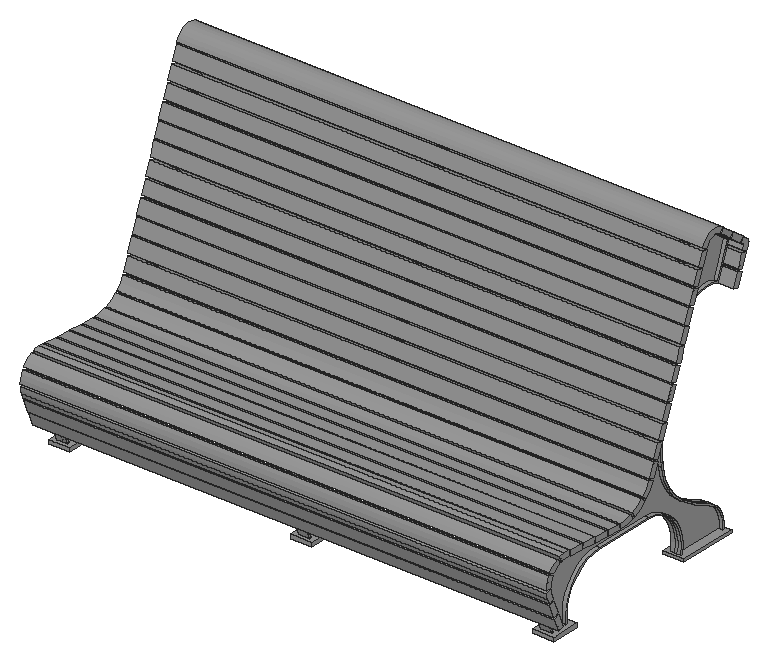
Revit family "Скамейка стальная «Сафари» Арт 12196", category Антураж, Revit 2018
Family settings
  На основе рабочей плоскости = Нет
  Всегда вертикально = Да
  При загрузке вырезать с полостями = Нет
  Источник визуального образа = Геометрия семейства
  Общий = Нет
  Точка расчета площади = Нет
Parameters (values of type "Скамейка стальная «Сафари». Версия с 3-мя опорами")
  Ширина = 1200 mm  # constant formula
  Цвет опоры = Сталь
  Цвет лавки = Дерево
  Описание = if([3 опоры], "Скамейка стальная «Сафари». Версия с 3-мя опорами", "Скамейка стальная «Сафари». Версия с 5-ю опорами")  # "Скамейка стальная «Сафари». Версия с 3-мя опорами"
  Материал изделия = "Сталь, дерево"  # constant formula
  Изображение типоразмера = Скамейка стальная «Сафари» Арт 12196 3 опоры.jpeg
  Изготовитель = "ООО «Хоббика"  # constant formula
  Длина = 2500 mm  # constant formula
  Группа модели = "Скамейки"  # constant formula
  Высота = 1400 mm  # constant formula
  Артикул товара = "Арт. 12196"  # constant formula
  URL = "https://hobbyka.ru/product/skameyka_safari_/"
  5 опор = no
  3 опоры = not([5 опор])  # yes
Types (3, lengths in mm): name | Описание | Изображение типоразмера | 5 опор | 3 опоры
  (no name) | "Скамейка стальная «Сафари». Версия с 3-мя опорами" | Скамейка стальная «Сафари» Арт 12196 3 опоры.jpeg | no | yes
  Скамейка стальная «Сафари». Версия с 3-мя опорами | "Скамейка стальная «Сафари». Версия с 3-мя опорами" | Скамейка стальная «Сафари» Арт 12196 3 опоры.jpeg | no | yes
  Скамейка стальная «Сафари». Версия с 5-ю опорами | "Скамейка стальная «Сафари». Версия с 5-ю опорами" | Скамейка стальная «Сафари» Арт 12196 5 опор.jpg | yes | no
Reference planes
  plane 1 "По центру (Вперед/Назад)": y = 0
  plane 2: z = 0
  plane 3 "По центру (Влево/Вправо)": x = 0
  plane 4: x = 2500
  plane 5: y = 1200
  plane 6: x = 1250
  plane 7: x = 100
  plane 8: x = 2400
  plane 9: x = 675
  plane 10: x = 1825
  plane 11: z = 1400
Forms (mm)
  Extrusion 1, solid, material "Дерево" <- "Цвет лавки"
    sketch origin (0, 0, 0) x (0, 1, 0) y (0, 0, 1)
      loop
        line (1181.327, 1238.063) -> (1173.535, 1217.765) -> (1196.875, 1208.806) -> (1204.042, 1227.478)
        arc (1204.042, 1227.478) -> (1205.477, 1241.843) -> (1200, 1255.2) r 29.837
        line (1200, 1255.2) -> (1180.958, 1270.077) -> (1165.567, 1250.377) -> (1181.327, 1238.063)
      loop
        line (1169.951, 1208.43) -> (1146.658, 1147.747) -> (1169.997, 1138.788) -> (1193.291, 1199.47) -> (1169.951, 1208.43)
      loop
        line (1143.205, 1137.925) -> (1119.255, 1077.247) -> (1142.806, 1067.952) -> (1166.184, 1128.855) -> (1143.205, 1137.925)
      loop
        line (1047.365, 1342.726) -> (1098.586, 1302.708) -> (1113.977, 1322.408) -> (1062.756, 1362.426) -> (1047.365, 1342.726)
      loop
        line (1157.686, 1256.533) -> (1173.078, 1276.233) -> (1121.857, 1316.251) -> (1106.466, 1296.551) -> (1157.686, 1256.533)
      loop
        line (1039.425, 1348.806) -> (1054.882, 1368.59)
        arc (1054.882, 1368.59) -> (986.724, 1378.021) -> (936.944, 1330.519) r 79.139
        line (936.944, 1330.519) -> (960.349, 1321.734)
        arc (960.349, 1321.734) -> (993.499, 1353.929) -> (1039.425, 1348.806) r 54.139
      loop
        line (956.835, 1312.372) -> (933.43, 1321.157) -> (910.587, 1260.303) -> (933.992, 1251.518) -> (956.835, 1312.372)
      loop
        line (930.478, 1242.155) -> (907.073, 1250.941) -> (884.23, 1190.087) -> (907.636, 1181.301) -> (930.478, 1242.155)
      loop
        line (904.121, 1171.939) -> (880.716, 1180.725) -> (857.874, 1119.871) -> (881.279, 1111.085) -> (904.121, 1171.939)
      loop
        line (877.765, 1101.723) -> (854.359, 1110.509) -> (831.517, 1049.654) -> (854.922, 1040.869) -> (877.765, 1101.723)
      loop
        line (851.408, 1031.507) -> (828.003, 1040.292) -> (805.16, 979.438) -> (828.566, 970.653) -> (851.408, 1031.507)
      loop
        line (825.051, 961.29) -> (801.646, 970.076) -> (778.803, 909.222) -> (802.209, 900.436) -> (825.051, 961.29)
      loop
        line (798.695, 891.074) -> (775.289, 899.86) -> (752.447, 839.006) -> (775.852, 830.22) -> (798.695, 891.074)
      loop
        line (772.338, 820.858) -> (748.932, 829.643) -> (726.09, 768.789) -> (749.495, 760.004) -> (772.338, 820.858)
      loop
        line (745.981, 750.642) -> (722.576, 759.427) -> (699.733, 698.573) -> (723.139, 689.788) -> (745.981, 750.642)
      loop
        line (719.624, 680.425) -> (696.219, 689.211) -> (673.376, 628.357) -> (696.782, 619.571) -> (719.624, 680.425)
      loop
        line (693.268, 610.209) -> (669.862, 618.995) -> (647.02, 558.141) -> (670.425, 549.355) -> (693.268, 610.209)
      loop
        line (666.911, 539.993) -> (643.505, 548.778) -> (620.663, 487.924) -> (644.068, 479.139) -> (666.911, 539.993)
      loop
        line (640.177, 469.918) -> (616.692, 478.734)
        arc (616.692, 478.734) -> (600.695, 451.456) -> (580.381, 427.22) r 189.347
        line (580.381, 427.22) -> (599.672, 411.185)
        arc (599.672, 411.185) -> (622.386, 438.854) -> (640.177, 469.918) r 214.347
      loop
        line (591.56, 403.266) -> (573.144, 420.298)
        arc (573.144, 420.298) -> (548.029, 401.083) -> (520.067, 386.315) r 189.347
        line (520.067, 386.315) -> (531.872, 364.181)
        arc (531.872, 364.181) -> (563.354, 381.223) -> (591.56, 403.266) r 214.347
      loop
        line (521.37, 359.912) -> (510.751, 382.639)
        arc (510.751, 382.639) -> (480.239, 374.333) -> (448.77, 371.22) r 189.347
        line (448.77, 371.22) -> (451.341, 346.267)
        arc (451.341, 346.267) -> (486.927, 350.155) -> (521.37, 359.912) r 214.347
      loop
        line (440.005, 346.281) -> (438.761, 371.238) -> (376.893, 375.564) -> (375.15, 350.625) -> (430.98, 346.721)
        arc (430.98, 346.721) -> (435.49, 346.453) -> (440.005, 346.281) r 214.347
      loop
        line (365.174, 351.322) -> (366.918, 376.261) -> (302.076, 380.796) -> (300.332, 355.857) -> (365.174, 351.322)
      loop
        line (290.357, 356.554) -> (292.101, 381.493) -> (227.259, 386.027) -> (225.515, 361.088) -> (290.357, 356.554)
      loop
        line (215.539, 361.786) -> (217.283, 386.725) -> (152.442, 391.259) -> (150.698, 366.32) -> (215.539, 361.786)
      loop
        line (140.722, 367.018) -> (142.466, 391.957) -> (117.265, 393.719)
        arc (117.265, 393.719) -> (100.46, 392.082) -> (84.083, 387.97) r 113.506
        line (84.083, 387.97) -> (95.101, 365.221)
        arc (95.101, 365.221) -> (105.816, 367.631) -> (116.747, 368.694) r 88.506
        line (116.747, 368.694) -> (140.722, 367.018)
      loop
        line (86.081, 362.058) -> (72.673, 383.486)
        arc (72.673, 383.486) -> (47.741, 367.911) -> (27.644, 346.456) r 113.506
        line (27.644, 346.456) -> (49.92, 334.51)
        arc (49.92, 334.51) -> (66.201, 350.645) -> (86.081, 362.058) r 88.506
      loop
        line (44.475, 326.654) -> (21.041, 336.128)
        arc (21.041, 336.128) -> (10.069, 309.137) -> (6.33, 280.242) r 113.506
        line (6.33, 280.242) -> (31.33, 280.242)
        arc (31.33, 280.242) -> (34.679, 304.361) -> (44.475, 326.654) r 88.506
      loop
        line (31.846, 270.697) -> (6.992, 268.001)
        arc (6.992, 268.001) -> (9.747, 252.598) -> (14.595, 237.722) r 113.506
        line (14.595, 237.722) -> (23.988, 214.472) -> (47.168, 223.837) -> (37.774, 247.087)
        arc (37.774, 247.087) -> (33.995, 258.687) -> (31.846, 270.697) r 88.506
      loop
        line (50.914, 214.565) -> (27.734, 205.2) -> (52.084, 144.933) -> (75.263, 154.298) -> (50.914, 214.565)
      loop
        line (79.009, 145.027) -> (55.83, 135.661) -> (80.179, 75.394) -> (103.359, 84.76) -> (79.009, 145.027)
    from 0 to 2500
  Extrusion 2, solid, material "Сталь" <- "Цвет опоры"
    sketch origin (0, 0, 0) x (0, 1, 0) y (0, 0, 1)
      loop
        circle (1023.394, 88.289) r 15
    from 100 to 2400
Dimensions and locks
  "Длина": plane 3 "По центру (Влево/Вправо)" to plane 4
  "Ширина": plane 5 to plane 1 "По центру (Вперед/Назад)"
  locked: plane 3 "По центру (Влево/Вправо)" to plane 7 at 100
  locked: plane 8 to plane 4 at 100
  equal spacing: plane 3 "По центру (Влево/Вправо)", plane 6, plane 4
  equal spacing: plane 7, plane 9, plane 6
  equal spacing: plane 6, plane 10, plane 8
  "Высота": plane 11 to plane 2
  aligned and locked: level to plane 2
Automatic sketch dimensions
  Extrusion 1 sketch curve to Extrusion 1 sketch curve = 0 mm  (x27)
  Extrusion 1 sketch curve to plane 5 = 0 mm
  Extrusion 1 sketch curve to plane 5 = 3.125 mm
  Extrusion 1 sketch curve to plane 5 = 6.709 mm
  Extrusion 1 sketch curve to plane 5 = 18.673 mm
  Extrusion 1 sketch curve to plane 5 = 19.042 mm
  Extrusion 1 sketch curve to Extrusion 1 sketch curve = 5.374 mm
  Extrusion 1 sketch curve to Extrusion 1 sketch curve = 2.417 mm
  Extrusion 1 sketch curve to Extrusion 1 sketch curve = 7.88 mm  (x4)
  Extrusion 1 sketch curve to plane 5 = 30.003 mm
  Extrusion 1 sketch curve to Extrusion 1 sketch curve = 3.584 mm
  Extrusion 1 sketch curve to Extrusion 1 sketch curve = 3.813 mm
  Extrusion 1 sketch curve to Extrusion 1 sketch curve = 10.386 mm
  Extrusion 1 sketch curve to Extrusion 1 sketch curve = 3.452 mm
  Extrusion 1 sketch curve to plane 5 = 57.194 mm
  Extrusion 1 sketch curve to Extrusion 1 sketch curve = 51.221 mm  (x2)
  Extrusion 1 sketch curve to Extrusion 1 sketch curve = 23.55 mm
  Extrusion 1 sketch curve to plane 11 = 37.574 mm
  Extrusion 1 sketch curve to plane 11 = 31.41 mm
  Extrusion 1 sketch curve to Extrusion 1 sketch curve = 7.874 mm
  Extrusion 1 sketch curve to plane 11 = 51.194 mm
  Extrusion 1 sketch curve to Extrusion 1 sketch curve = 7.939 mm
  Extrusion 1 sketch curve to Extrusion 1 sketch curve = 36.33 mm
  Extrusion 1 sketch curve to plane 11 = 78.266 mm
  Extrusion 1 sketch curve to Extrusion 1 sketch curve = 50.686 mm
  Extrusion 1 sketch curve to Extrusion 1 sketch curve = 3.514 mm  (x24)
  Extrusion 1 sketch curve to plane 11 = 69.481 mm
  Extrusion 1 sketch curve to Extrusion 1 sketch curve = 22.843 mm  (x12)
  Extrusion 1 sketch curve to plane 11 = 78.843 mm
  Extrusion 1 sketch curve to plane 11 = 149.059 mm
  Extrusion 1 sketch curve to Extrusion 1 sketch curve = 3.891 mm
  Extrusion 1 sketch curve to Extrusion 1 sketch curve = 3.971 mm
  level to Extrusion 1 sketch curve = 411.185 mm
  Extrusion 1 sketch curve to Extrusion 1 sketch curve = 17.02 mm
  Extrusion 1 sketch curve to Extrusion 1 sketch curve = 8.112 mm
  Extrusion 1 sketch curve to Extrusion 1 sketch curve = 19.291 mm
  Extrusion 1 sketch curve to Extrusion 1 sketch curve = 7.237 mm
  Extrusion 1 sketch curve to Extrusion 1 sketch curve = 41.272 mm
  Extrusion 1 sketch curve to Extrusion 1 sketch curve = 10.502 mm
  Extrusion 1 sketch curve to Extrusion 1 sketch curve = 11.806 mm
  Extrusion 1 sketch curve to Extrusion 1 sketch curve = 9.315 mm
  Extrusion 1 sketch curve to Extrusion 1 sketch curve = 59.41 mm
  Extrusion 1 sketch curve to Extrusion 1 sketch curve = 2.571 mm
  Extrusion 1 sketch curve to Extrusion 1 sketch curve = 174.731 mm
  Extrusion 1 sketch curve to Extrusion 1 sketch curve = 11.337 mm
  Extrusion 1 sketch curve to Extrusion 1 sketch curve = 10.009 mm
  Extrusion 1 sketch curve to Extrusion 1 sketch curve = 9.025 mm
  Extrusion 1 sketch curve to Extrusion 1 sketch curve = 54.086 mm
  level to Extrusion 1 sketch curve = 350.625 mm
  Extrusion 1 sketch curve to Extrusion 1 sketch curve = 1.744 mm
  Extrusion 1 sketch curve to Extrusion 1 sketch curve = 9.976 mm  (x8)
  Extrusion 1 sketch curve to Extrusion 1 sketch curve = 64.842 mm  (x3)
  Extrusion 1 sketch curve to Extrusion 1 sketch curve = 20.886 mm
  Extrusion 1 sketch curve to Extrusion 1 sketch curve = 25.201 mm
  Extrusion 1 sketch curve to Extrusion 1 sketch curve = 23.975 mm
  Extrusion 1 sketch curve to Extrusion 1 sketch curve = 21.646 mm
  Extrusion 1 sketch curve to Extrusion 1 sketch curve = 9.021 mm
  Extrusion 1 sketch curve to Extrusion 1 sketch curve = 11.018 mm
  Extrusion 1 sketch curve to Extrusion 1 sketch curve = 11.41 mm
  Extrusion 1 sketch curve to Extrusion 1 sketch curve = 36.161 mm
  Extrusion 1 sketch curve to Extrusion 1 sketch curve = 5.445 mm
  Extrusion 1 sketch curve to Extrusion 1 sketch curve = 9.393 mm
  Extrusion 1 sketch curve to Extrusion 1 sketch curve = 5.928 mm
  Extrusion 1 sketch curve to Extrusion 1 sketch curve = 0.516 mm
  Extrusion 1 sketch curve to Extrusion 1 sketch curve = 22.275 mm
  Extrusion 1 sketch curve to plane 1 "По центру (Вперед/Назад)" = 23.988 mm
  Extrusion 1 sketch curve to Extrusion 1 sketch curve = 6.603 mm
  Extrusion 1 sketch curve to plane 1 "По центру (Вперед/Назад)" = 6.992 mm
  Extrusion 1 sketch curve to plane 1 "По центру (Вперед/Назад)" = 6.33 mm
  plane 5 to Extrusion 1 sketch curve = 4.042 mm
  Extrusion 1 sketch curve to Extrusion 1 sketch curve = 3.904 mm
  Extrusion 1 sketch curve to Extrusion 1 sketch curve = 4.866 mm
  Extrusion 1 sketch curve to Extrusion 1 sketch curve = 0.44 mm
  Extrusion 1 sketch curve to Extrusion 1 sketch curve = 0.014 mm
  Extrusion 1 sketch curve to Extrusion 1 sketch curve = 10.329 mm
  Extrusion 1 sketch curve to Extrusion 1 sketch curve = 7.857 mm
  Extrusion 1 sketch curve to Extrusion 1 sketch curve = 9.545 mm
  Extrusion 1 sketch curve to Extrusion 1 sketch curve = 12.241 mm
  Extrusion 1 sketch curve to Extrusion 1 sketch curve = 4.534 mm  (x2)
  Extrusion 1 sketch curve to Extrusion 1 sketch curve = 0.698 mm  (x3)
  Extrusion 1 sketch curve to Extrusion 1 sketch curve = 4.269 mm
  Extrusion 1 sketch curve to Extrusion 1 sketch curve = 3.163 mm
  Extrusion 1 sketch curve to Extrusion 1 sketch curve = 2.374 mm
  Extrusion 1 sketch curve to Extrusion 1 sketch curve = 0.018 mm
  Extrusion 1 sketch curve to Extrusion 1 sketch curve = 3.676 mm
  Extrusion 1 sketch curve to Extrusion 1 sketch curve = 6.922 mm
  Extrusion 1 sketch curve to Extrusion 1 sketch curve = 9.221 mm
  Extrusion 1 sketch curve to Extrusion 1 sketch curve = 9.191 mm
  Extrusion 1 sketch curve to Extrusion 1 sketch curve = 9.362 mm  (x20)
  Extrusion 1 sketch curve to Extrusion 1 sketch curve = 33.771 mm
  Extrusion 1 sketch curve to Extrusion 1 sketch curve = 9.296 mm
  Extrusion 1 sketch curve to Extrusion 1 sketch curve = 9.933 mm
  Extrusion 1 sketch curve to Extrusion 1 sketch curve = 9.822 mm
  Extrusion 1 sketch curve to Extrusion 1 sketch curve = 9.336 mm  (x2)
  Extrusion 1 sketch curve to Extrusion 1 sketch curve = 0.526 mm
  Extrusion 1 sketch curve to Extrusion 1 sketch curve = 6.157 mm  (x3)
  Extrusion 1 sketch curve to Extrusion 1 sketch curve = 24.349 mm
  Extrusion 1 sketch curve to Extrusion 1 sketch curve = 3.746 mm  (x4)
  Extrusion 1 sketch curve to plane 1 "По центру (Вперед/Назад)" = 55.83 mm
  Extrusion 1 sketch curve to Extrusion 1 sketch curve = 9.365 mm  (x2)
  Extrusion 1 sketch curve to plane 1 "По центру (Вперед/Назад)" = 14.595 mm
  Extrusion 1 sketch curve to Extrusion 1 sketch curve = 9.272 mm  (x2)
  Extrusion 1 sketch curve to Extrusion 1 sketch curve = 23.18 mm
  level to Extrusion 1 sketch curve = 75.394 mm
  level to Extrusion 2 sketch curve = 88.289 mm
  Extrusion 2 sketch curve to plane 5 = 176.606 mm
  radius of Extrusion 2 sketch curve = 15 mm
Nested families
  nested 1: "Скамейка стальная «Сафари» опора" at (100, 0, 0), type "Скамейка стальная «Сафари» опора"
  nested 2: "Скамейка стальная «Сафари» опора" at (675, 0, 0), visible <- "5 опор", type "Скамейка стальная «Сафари» опора"
  nested 3: "Скамейка стальная «Сафари» опора" at (1250, 0, 0), type "Скамейка стальная «Сафари» опора"
  nested 4: "Скамейка стальная «Сафари» опора" at (1825, 0, 0), visible <- "5 опор", type "Скамейка стальная «Сафари» опора"
  nested 5: "Скамейка стальная «Сафари» опора" at (2400, 0, 0), type "Скамейка стальная «Сафари» опора"
Definition of nested family "Скамейка стальная «Сафари» опора"
  Parameters (values of type "Скамейка стальная «Сафари» опора")
    Цвет опоры = none
    Height = 0 mm
  Reference planes
    plane 1 "По центру (Вперед/Назад)": y = 0
    plane 2: z = 0
    plane 3 "По центру (Влево/Вправо)": x = 0
    plane 4: z = 1400
  Forms (mm)
    Extrusion 1, solid, material <- "Цвет опоры"
      sketch origin (0, 0, 0) x (0, 1, 0) y (0, 0, 1)
        loop
          line (1119.586, 1077.224) -> (1181.327, 1238.063) -> (1040.223, 1348.306)
          arc (1040.223, 1348.306) -> (993.946, 1354.079) -> (960.349, 1321.734) r 54.139
          line (960.349, 1321.734) -> (642.818, 475.808) -> (686.876, 464.003) -> (664.985, 442.112) -> (751.918, 418.818) -> (737.127, 450.539) -> (790.252, 436.304)
          arc (790.252, 436.304) -> (782.793, 485.615) -> (784.38, 535.462) r 274.46
          line (784.38, 535.462) -> (898.956, 963.068)
          arc (898.956, 963.068) -> (984.072, 1068.85) -> (1119.586, 1077.224) r 168.084
      from -5 to 5
    Extrusion 2, solid, material <- "Цвет опоры"
      sketch origin (0, 0, 0) x (0, 1, 0) y (0, 0, 1)
        loop
          line (790.252, 436.304) -> (737.127, 450.539) -> (751.918, 418.818) -> (664.985, 442.112) -> (686.876, 464.003) -> (642.818, 475.808)
          arc (642.818, 475.808) -> (557.471, 377.505) -> (430.98, 346.721) r 214.347
          line (430.98, 346.721) -> (116.747, 368.694)
          arc (116.747, 368.694) -> (45.608, 328.446) -> (37.774, 247.087) r 88.506
          line (37.774, 247.087) -> (133.299, 10.655) -> (223.299, 10.655)
          arc (223.299, 10.655) -> (263.388, 177.639) -> (418.388, 251.57) r 199.448
          line (418.388, 251.57) -> (708.388, 251.57)
          arc (708.388, 251.57) -> (862.904, 170.795) -> (897.96, 0) r 203.234
          line (897.96, 0) -> (1148.827, 0)
          arc (1148.827, 0) -> (1140.116, 90.566) -> (1074.112, 153.189) r 129.865
          arc (1074.112, 153.189) -> (986.354, 195.98) -> (903.561, 247.727) r 930.964
          arc (903.561, 247.727) -> (826.875, 329.979) -> (790.252, 436.304) r 270.569
      from -5 to 5
    Extrusion 3, solid, material <- "Цвет опоры"
      sketch origin (0, 0, 0) x (0, 1, 0) y (0, 0, 1)
        loop
          line (1167.47, 12.181) -> (884.869, 12.181) -> (884.869, 0) -> (1167.47, 0) -> (1167.47, 12.181)
        loop
          line (247.933, 17.347) -> (111.012, 17.347) -> (111.012, 0) -> (247.933, 0) -> (247.933, 17.347)
      from -50 to 50
    Extrusion 4, solid, material <- "Цвет опоры"
      sketch origin (0, 0, 0) x (0, 1, 0) y (0, 0, 1)
        loop
          arc (642.818, 475.808) -> (557.471, 377.505) -> (430.98, 346.721) r 214.347
          line (430.98, 346.721) -> (116.747, 368.694)
          arc (116.747, 368.694) -> (45.608, 328.446) -> (37.774, 247.087) r 88.506
          line (37.774, 247.087) -> (130.595, 17.347) -> (135.988, 17.347) -> (42.41, 248.96)
          arc (42.41, 248.96) -> (49.732, 325.614) -> (116.664, 363.688) r 83.506
          line (116.664, 363.688) -> (430.631, 341.733)
          arc (430.631, 341.733) -> (560.123, 373.267) -> (647.458, 473.941) r 219.347
          line (647.458, 473.941) -> (965.03, 1319.977)
          arc (965.03, 1319.977) -> (995.415, 1349.299) -> (1037.334, 1344.217) r 49.139
          line (1037.334, 1344.217) -> (1175.333, 1236.401) -> (1116.663, 1083.56)
          arc (1116.663, 1083.56) -> (979.589, 1072.14) -> (894.127, 964.362) r 173.084
          line (894.127, 964.362) -> (779.461, 536.422)
          arc (779.461, 536.422) -> (777.783, 485.642) -> (785.326, 435.398) r 279.46
          arc (785.326, 435.398) -> (822.666, 327.276) -> (900.692, 243.632) r 275.569
          arc (900.692, 243.632) -> (983.93, 191.607) -> (1072.159, 148.586) r 935.964
          arc (1072.159, 148.586) -> (1133.066, 93.33) -> (1146.402, 12.181) r 124.865
          line (1146.402, 12.181) -> (1151.474, 12.181)
          arc (1151.474, 12.181) -> (1137.249, 96.103) -> (1074.112, 153.189) r 129.865
          arc (1074.112, 153.189) -> (986.354, 195.98) -> (903.561, 247.727) r 930.964
          arc (903.561, 247.727) -> (826.875, 329.979) -> (790.252, 436.304) r 270.569
          arc (790.252, 436.304) -> (782.793, 485.615) -> (784.38, 535.462) r 274.46
          line (784.38, 535.462) -> (898.956, 963.068)
          arc (898.956, 963.068) -> (984.072, 1068.85) -> (1119.586, 1077.224) r 168.084
          line (1119.586, 1077.224) -> (1181.327, 1238.063) -> (1040.223, 1348.306)
          arc (1040.223, 1348.306) -> (993.946, 1354.079) -> (960.349, 1321.734) r 54.139
          line (960.349, 1321.734) -> (642.818, 475.808)
        loop
          line (900.56, 12.181) -> (905.639, 12.181)
          arc (905.639, 12.181) -> (862.665, 179.232) -> (708.484, 256.57) r 208.234
          line (708.484, 256.57) -> (418.388, 256.57)
          arc (418.388, 256.57) -> (262.01, 183.821) -> (216.92, 17.347) r 204.448
          line (216.92, 17.347) -> (221.996, 17.347)
          arc (221.996, 17.347) -> (265.557, 180.27) -> (418.388, 251.57) r 199.448
          line (418.388, 251.57) -> (708.388, 251.57)
          arc (708.388, 251.57) -> (859.08, 175.711) -> (900.56, 12.181) r 203.234
      from -25 to 25
  Cuts and joins
    joined: Extrusion 1, Extrusion 2, Extrusion 3, Extrusion 4
  Dimensions and locks
    aligned and locked: level to plane 2
